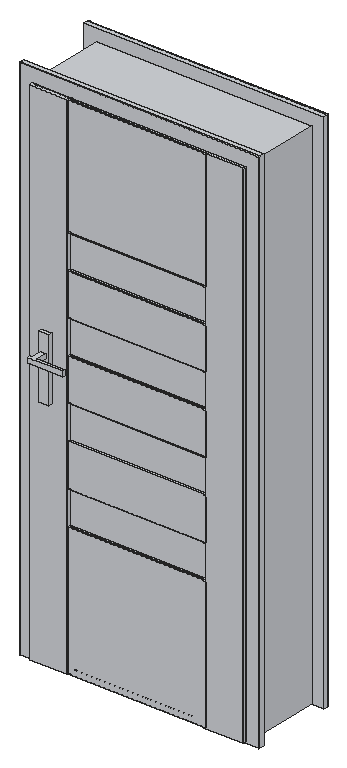
Revit family "porta_koncept_H0", category Drzwi, Revit 2016
Family settings
  Obiekt nadrzędny = Ściana
  Zawsze pionowo = Tak
  Tnij formami wycięć po wczytaniu = Nie
  Współdzielony = Nie
  Punkt obliczania pomieszczeń = Nie
Parameters (values of type "PN 80")
  Wysokość brutto = 2060 mm
  Szerokość brutto = 880 mm
  Model = "Koncept"
  Konstrukcja analityczna = "<Brak>"
  Funkcja = Wewnętrzna
  URL = "www.porta.com.pl"
  Ss = 844 mm
  Sb = 846 mm
  Producent = "PORTA KMI POLAND"
  Keynote = ""
  Description = ""
  Wysokość = 2016 mm
  Zakończenie ściany = Wg obiektu nadrzędnego
  Szerokość = 800 mm
  Materiał_skrzydło [instance] = none
  Materiał_ościeżnica [instance] = none
  Materiał_klamka [instance] = none
  Informacja = "Własność Porta KMI Poland, wszelkie prawa zastrzeżone."  # constant formula
  Hs = 2030 mm
Types (6, lengths in mm): name | Szerokość brutto | Model | Ss | Sb | Description | Szerokość
  PN 70 | 780 | 0 | 744 | 746 | "Biblioteki CAD produktów firmy PORTA KMI POLAND wraz z ich wizualizacjami są chronione prawami własności przemysłowej i intelektualnej. Można je wykorzystywać do handlowych celów osobistych poprzez zastosowanie w projektach, jednak nie wolno ich powielać, modyfikować, licencjonować ani publikować, w całości ani w części, chyba że celem przeglądania, bez uprzedniej pisemnej zgody PORTA KMI Poland. www.porta.com.pl" | 700
  PN 60 | 680 | 0 | 644 | 646 | "Biblioteki CAD produktów firmy PORTA KMI POLAND wraz z ich wizualizacjami są chronione prawami własności przemysłowej i intelektualnej. Można je wykorzystywać do handlowych celów osobistych poprzez zastosowanie w projektach, jednak nie wolno ich powielać, modyfikować, licencjonować ani publikować, w całości ani w części, chyba że celem przeglądania, bez uprzedniej pisemnej zgody PORTA KMI Poland. www.porta.com.pl" | 600
  PN 80 | 880 | "Koncept" | 844 | 846 | "" | 800
  PN 90 | 980 | 0 | 944 | 946 | "Biblioteki CAD produktów firmy PORTA KMI POLAND wraz z ich wizualizacjami są chronione prawami własności przemysłowej i intelektualnej. Można je wykorzystywać do handlowych celów osobistych poprzez zastosowanie w projektach, jednak nie wolno ich powielać, modyfikować, licencjonować ani publikować, w całości ani w części, chyba że celem przeglądania, bez uprzedniej pisemnej zgody PORTA KMI Poland. www.porta.com.pl" | 900
  PN 100 | 1080 | 0 | 1044 | 1046 | "Biblioteki CAD produktów firmy PORTA KMI POLAND wraz z ich wizualizacjami są chronione prawami własności przemysłowej i intelektualnej. Można je wykorzystywać do handlowych celów osobistych poprzez zastosowanie w projektach, jednak nie wolno ich powielać, modyfikować, licencjonować ani publikować, w całości ani w części, chyba że celem przeglądania, bez uprzedniej pisemnej zgody PORTA KMI Poland. www.porta.com.pl" | 1000
  PN 110 | 1180 | 0 | 1144 | 1146 | "Biblioteki CAD produktów firmy PORTA KMI POLAND wraz z ich wizualizacjami są chronione prawami własności przemysłowej i intelektualnej. Można je wykorzystywać do handlowych celów osobistych poprzez zastosowanie w projektach, jednak nie wolno ich powielać, modyfikować, licencjonować ani publikować, w całości ani w części, chyba że celem przeglądania, bez uprzedniej pisemnej zgody PORTA KMI Poland. www.porta.com.pl" | 1100
Reference planes
  plane 1: y = 0
  plane 2 "Środek (Lewa/Prawa)": x = 0
  plane 3 "Lewy": x = -440
  plane 4 "Prawy": x = 440
  plane 5: z = 2060
  plane 6 "Zewnętrzna": y = 150
  plane 7 "Wewnętrzna": y = -150
  plane 8 "skrzydło": y = -144.5
Forms (mm)
  Sweep 1, solid, material <- "Materiał_ościeżnica"
    path in 3D
      loop
        line (-440, -150, 0) -> (-440, -150, 2060) -> (440, -150, 2060) -> (440, -150, 0)
    profile origin (-440, -150, 1030) x (0, -1, 0) y (1, 0, 0)
      loop
        line (-10, 39) -> (-72, 39) -> (-72, 17) -> (0, 17) -> (0, -33) -> (16, -33)
        arc (16, -33) -> (18.121, -32.121) -> (19, -30) r 3
        line (19, -30) -> (19, 24)
        arc (19, 24) -> (18.121, 26.121) -> (16, 27) r 3
        line (16, 27) -> (-10, 27) -> (-10, 39)
  Sweep 2, solid, material <- "Materiał_ościeżnica"
    path in 3D
      loop
        line (440, 150, 0) -> (440, 150, 2060) -> (-440, 150, 2060) -> (-440, 150, 0)
    profile origin (-440, 150, 1030) x (1, 0, 0) y (0, 1, 0)
      loop
        line (-33, 0) -> (17, 0) -> (17, -228) -> (39, -228) -> (39, -1)
        arc (39, -1) -> (37.536, 2.536) -> (34, 4) r 5
        line (34, 4) -> (25, 4) -> (25, 16)
        arc (25, 16) -> (24.121, 18.121) -> (22, 19) r 3
        line (22, 19) -> (-30, 19)
        arc (-30, 19) -> (-32.121, 18.121) -> (-33, 16) r 3
        line (-33, 16) -> (-33, 0)
  Sweep 3, solid, not visible
    path in 3D
      loop
        line (-440, -150, 0) -> (-440, -150, 2060)
    profile origin (-440, -150, 1030) x (0, -1, 0) y (1, 0, 0)
      loop
        line (-151, 17) -> (-149, 17) -> (-149, 19) -> (-151, 19) -> (-151, 17)
Cuts and joins
  joined: Sweep 1, Sweep 2
Lines and regions (mm)
  Opening 1
    outline origin (-3050, -150, 0) x (1, 0, 0) y (0, 0, 1)
      loop
        line (2610, 0) -> (3490, 0) -> (3490, 2060) -> (2610, 2060) -> (2610, 0)
  sketch lines
    curve 1: line (-440, -150, 0) -> (-440, -150, 2060)
    curve 2: line (-440, -150, 2060) -> (440, -150, 2060)
    curve 3: line (440, -150, 2060) -> (440, -150, 0)
    curve 4: line (-440, 150, 2060) -> (-440, 150, 0)
    curve 5: line (440, 150, 2060) -> (-440, 150, 2060)
    curve 6: line (440, 150, 0) -> (440, 150, 2060)
    curve 12: line (-440, -150, 0) -> (-440, -150, 2060)
  symbolic lines, style "DoorsPanelProjection"
    curve 7: line (422, -150, 0) -> (422, -994, 0)
    curve 8: line (422, -994, 0) -> (382, -994, 0)
    curve 9: line (382, -994, 0) -> (382, -150, 0)
    curve 10: line (382, -150, 0) -> (422, -150, 0)
  symbolic lines, style "Ugięcie rzutu"
    curve 11: arc (-422, -150, 0) -> (-174.798, -746.798, 0) -> (422, -994, 0) r 844
Text (mm)
  text "Zewnętrzna" at (-2295.016, 1099.543, 0), in view "Poziom odniesienia"
  text "Zewnętrzna" at (0, 1615.38, 3698.081), in view "Lewy"
  text "Zewnętrzna" at (0, 1036.032, 3874.932), in view "Prawy"
Dimensions and locks
  equal spacing: plane 3 "Lewy", plane 2 "Środek (Lewa/Prawa)", plane 4 "Prawy"
  "Szerokość brutto": plane 3 "Lewy" to plane 4 "Prawy"
  "Wysokość brutto": plane 5 to host wall
  host wall to plane 5 = 2060 mm  (x2)
  locked: plane 6 "Zewnętrzna" to host wall at 0
  locked: plane 7 "Wewnętrzna" to host wall
  "Sb": Sweep 1 to Sweep 1
  locked: Sweep 1 sketch curve to Sweep 1 sketch curve at 22
  Sweep 1 sketch curve to Sweep 1 sketch curve = 50 mm
  locked: Sweep 1 sketch curve to profile plane at 72
  locked: Sweep 2 sketch curve to Sweep 2 sketch curve at 50
  locked: Sweep 2 sketch curve to Sweep 2 sketch curve at 22
  locked: Sweep 2 sketch curve to plane 6 "Zewnętrzna" at 1
  locked: curve 9 to curve 7 at 40
  "Ss": curve 8 to curve 10
  equal spacing: curve 11, plane 2 "Środek (Lewa/Prawa)", curve 7
  locked: plane 7 "Wewnętrzna" to plane 8 "skrzydło" at 5.5
  locked: host wall to Sweep 3 sketch curve at 1
  locked: Sweep 3 sketch curve to host wall at 1
  locked: Sweep 3 sketch curve to plane 6 "Zewnętrzna" at 151
  locked: plane 7 "Wewnętrzna" to Sweep 3 sketch curve at 151
  equal spacing: nested 1, plane 2 "Środek (Lewa/Prawa)", nested 1
  locked: nested 1 to level at 8
  aligned and locked: plane 3 "Lewy" to Opening 1 sketch curve
  aligned and locked: plane 5 to Opening 1 sketch curve  (x2)
  aligned and locked: Opening 1 sketch curve to plane 4 "Prawy"
  aligned and locked: Opening 1 sketch curve to level
  aligned and locked: plane 1 to host wall
  aligned and locked: Sweep 1 to Sweep 2 sketch curve
  aligned and locked: plane 7 "Wewnętrzna" to curve 10
  aligned and locked: Sweep 3 sketch curve to cut or joined group of Sweep 1, Sweep 2
  aligned and locked: Sweep 2 sketch curve to cut or joined group of Sweep 1, Sweep 2
  aligned and locked: nested 1 to plane 8 "skrzydło"
Automatic sketch dimensions
  profile plane to Sweep 1 sketch curve = 10 mm
  Sweep 1 sketch curve to profile plane = 16 mm  (x2)
  Sweep 1 sketch curve to Sweep 1 sketch curve = 3 mm
  profile plane to Sweep 1 sketch curve = 17 mm
  Sweep 1 sketch curve to Sweep 1 sketch curve = 7 mm
  Sweep 1 sketch curve to profile plane = 0 mm
  Sweep 2 sketch curve to profile plane = 0 mm
  Sweep 2 sketch curve to profile plane = 16 mm
  Sweep 2 sketch curve to Sweep 2 sketch curve = 3 mm
  Sweep 2 sketch curve to Sweep 2 sketch curve = 5 mm
  Sweep 2 sketch curve to profile plane = 4 mm
  Sweep 2 sketch curve to Sweep 2 sketch curve = 8 mm
  curve 11 to host wall = 0 mm
  Sweep 3 sketch curve to Sweep 3 sketch curve = 2 mm
Nested families
  nested 1: "skrzydło" at (0, -151, 0), Materiał_klamka <- "Materiał_klamka", Materiał_skrzydło <- "Materiał_skrzydło", type "skrzydło"
    with Materiał_skrzydło none, Materiał_klamka none, Ss 844 mm
Definition of nested family "skrzydło"
  Parameters
    Ss = 800 mm
    Materiał_skrzydło [instance] = none
    Materiał_klamka [instance] = none
    Hs = 2030 mm
  Reference planes
    plane 1 "Tył": y = 6.5
    plane 2: z = 0
    plane 3 "Środek (Lewa/Prawa)": x = 0
    plane 4 "Lewa": x = -400
    plane 5 "Prawa": x = 400
    plane 6 "Przód": y = -33.5
    plane 7: z = 2038
    plane 8 "Centrum": y = -13.5
    plane 9: x = -387
    plane 10: z = 8
    plane 11: x = 387
    plane 12: x = -250
    plane 13: x = 250
    plane 14: z = 2025
  Forms (mm)
    Extrusion 1, solid, material <- "Materiał_skrzydło"
      sketch origin (-1191.728, -1524, 8) x (-1, 0, 0) y (0, -1, 0)
        loop
          line (-1443.378, -1490.5) -> (-1590.078, -1490.5)
          arc (-1590.078, -1490.5) -> (-1591.244, -1490.983) -> (-1591.728, -1492.15) r 1.65
          line (-1591.728, -1492.15) -> (-1591.728, -1501.85)
          arc (-1591.728, -1501.85) -> (-1591.244, -1503.017) -> (-1590.078, -1503.5) r 1.65
          line (-1590.078, -1503.5) -> (-1580.078, -1503.5)
          arc (-1580.078, -1503.5) -> (-1579.123, -1503.895) -> (-1578.728, -1504.85) r 1.35
          line (-1578.728, -1504.85) -> (-1578.728, -1528.85)
          arc (-1578.728, -1528.85) -> (-1578.244, -1530.017) -> (-1577.078, -1530.5) r 1.65
          line (-1577.078, -1530.5) -> (-1443.378, -1530.5)
          arc (-1443.378, -1530.5) -> (-1442.211, -1530.017) -> (-1441.728, -1528.85) r 1.65
          line (-1441.728, -1528.85) -> (-1441.728, -1492.15)
          arc (-1441.728, -1492.15) -> (-1442.211, -1490.983) -> (-1443.378, -1490.5) r 1.65
      from 0 to 2030
    Extrusion 2, void
      sketch origin (0, 0, 0) x (0, -1, 0) y (0, 0, 1)
        loop
          line (-6.5, 2025) -> (20.5, 2025) -> (20.5, 2038) -> (-6.5, 2038) -> (-6.5, 2025)
      from -400 to 400
    Extrusion 3, solid, material <- "Materiał_skrzydło"
      sketch origin (0, 0, 0) x (0, 1, 0) y (0, 0, 1)
        loop
          line (4, 1568.15) -> (4, 2023.35)
          arc (4, 2023.35) -> (3.517, 2024.517) -> (2.35, 2025) r 1.65
          line (2.35, 2025) -> (-19.15, 2025)
          arc (-19.15, 2025) -> (-20.105, 2025.395) -> (-20.5, 2026.35) r 1.35
          line (-20.5, 2026.35) -> (-20.5, 2036.35)
          arc (-20.5, 2036.35) -> (-20.983, 2037.517) -> (-22.15, 2038) r 1.65
          line (-22.15, 2038) -> (-29.35, 2038)
          arc (-29.35, 2038) -> (-30.517, 2037.517) -> (-31, 2036.35) r 1.65
          line (-31, 2036.35) -> (-31, 1568.15)
          arc (-31, 1568.15) -> (-30.517, 1566.983) -> (-29.35, 1566.5) r 1.65
          line (-29.35, 1566.5) -> (2.35, 1566.5)
          arc (2.35, 1566.5) -> (3.517, 1566.983) -> (4, 1568.15) r 1.65
        loop
          line (2.35, 529.5) -> (-29.35, 529.5)
          arc (-29.35, 529.5) -> (-30.517, 529.017) -> (-31, 527.85) r 1.65
          line (-31, 527.85) -> (-31, 9.65)
          arc (-31, 9.65) -> (-30.517, 8.483) -> (-29.35, 8) r 1.65
          line (-29.35, 8) -> (-25, 8)
          arc (-25, 8) -> (-23.833, 8.483) -> (-23.35, 9.65) r 1.65
          arc (-23.35, 9.65) -> (-22.955, 10.605) -> (-22, 11) r 1.35
          line (-22, 11) -> (-5, 11)
          arc (-5, 11) -> (-4.045, 10.605) -> (-3.65, 9.65) r 1.35
          arc (-3.65, 9.65) -> (-3.167, 8.483) -> (-2, 8) r 1.65
          line (-2, 8) -> (2.35, 8)
          arc (2.35, 8) -> (3.517, 8.483) -> (4, 9.65) r 1.65
          line (4, 9.65) -> (4, 527.85)
          arc (4, 527.85) -> (3.517, 529.017) -> (2.35, 529.5) r 1.65
        loop
          line (2.35, 831.25) -> (-29.35, 831.25)
          arc (-29.35, 831.25) -> (-30.517, 830.767) -> (-31, 829.6) r 1.65
          line (-31, 829.6) -> (-31, 662.9)
          arc (-31, 662.9) -> (-30.517, 661.733) -> (-29.35, 661.25) r 1.65
          line (-29.35, 661.25) -> (2.35, 661.25)
          arc (2.35, 661.25) -> (3.517, 661.733) -> (4, 662.9) r 1.65
          line (4, 662.9) -> (4, 829.6)
          arc (4, 829.6) -> (3.517, 830.767) -> (2.35, 831.25) r 1.65
        loop
          line (2.35, 1133) -> (-29.35, 1133)
          arc (-29.35, 1133) -> (-30.517, 1132.517) -> (-31, 1131.35) r 1.65
          line (-31, 1131.35) -> (-31, 964.65)
          arc (-31, 964.65) -> (-30.517, 963.483) -> (-29.35, 963) r 1.65
          line (-29.35, 963) -> (2.35, 963)
          arc (2.35, 963) -> (3.517, 963.483) -> (4, 964.65) r 1.65
          line (4, 964.65) -> (4, 1131.35)
          arc (4, 1131.35) -> (3.517, 1132.517) -> (2.35, 1133) r 1.65
        loop
          line (2.35, 1434.75) -> (-29.35, 1434.75)
          arc (-29.35, 1434.75) -> (-30.517, 1434.267) -> (-31, 1433.1) r 1.65
          line (-31, 1433.1) -> (-31, 1266.4)
          arc (-31, 1266.4) -> (-30.517, 1265.233) -> (-29.35, 1264.75) r 1.65
          line (-29.35, 1264.75) -> (2.35, 1264.75)
          arc (2.35, 1264.75) -> (3.517, 1265.233) -> (4, 1266.4) r 1.65
          line (4, 1266.4) -> (4, 1433.1)
          arc (4, 1433.1) -> (3.517, 1434.267) -> (2.35, 1434.75) r 1.65
      from -250 to 250
    Extrusion 4, solid, material <- "Materiał_skrzydło"
      sketch origin (-892.016, -13.5, 1200) x (-1, 0, 0) y (0, 0, 1)
        loop
          line (-642.016, 366.5) -> (-1142.016, 366.5) -> (-1142.016, 234.75) -> (-642.016, 234.75) -> (-642.016, 366.5)
      from -6 to 6
    Extrusion 5, solid, material <- "Materiał_skrzydło"
      sketch origin (-892.016, -13.5, 1200) x (-1, 0, 0) y (0, 0, 1)
        loop
          line (-642.016, -67) -> (-642.016, 64.75) -> (-1142.016, 64.75) -> (-1142.016, -67) -> (-642.016, -67)
      from -6 to 6
    Extrusion 6, solid, material <- "Materiał_skrzydło"
      sketch origin (-892.016, -13.5, 1200) x (-1, 0, 0) y (0, 0, 1)
        loop
          line (-642.016, -237) -> (-1142.016, -237) -> (-1142.016, -368.75) -> (-642.016, -368.75) -> (-642.016, -237)
      from -6 to 6
    Extrusion 7, solid, material <- "Materiał_skrzydło"
      sketch origin (-892.016, -13.5, 1200) x (-1, 0, 0) y (0, 0, 1)
        loop
          line (-642.016, -538.75) -> (-1142.016, -538.75) -> (-1142.016, -670.5) -> (-642.016, -670.5) -> (-642.016, -538.75)
      from -6 to 6
    Extrusion 8, solid, material <- "Materiał_skrzydło"
      sketch origin (-1191.728, -1524, 8) x (-1, 0, 0) y (0, -1, 0)
        loop
          arc (-940.078, -1490.5) -> (-941.244, -1490.983) -> (-941.728, -1492.15) r 1.65
          line (-941.728, -1492.15) -> (-941.728, -1528.85)
          arc (-941.728, -1528.85) -> (-941.244, -1530.017) -> (-940.078, -1530.5) r 1.65
          line (-940.078, -1530.5) -> (-806.378, -1530.5)
          arc (-806.378, -1530.5) -> (-805.211, -1530.017) -> (-804.728, -1528.85) r 1.65
          line (-804.728, -1528.85) -> (-804.728, -1504.85)
          arc (-804.728, -1504.85) -> (-804.332, -1503.895) -> (-803.378, -1503.5) r 1.35
          line (-803.378, -1503.5) -> (-793.378, -1503.5)
          arc (-793.378, -1503.5) -> (-792.211, -1503.017) -> (-791.728, -1501.85) r 1.65
          line (-791.728, -1501.85) -> (-791.728, -1492.15)
          arc (-791.728, -1492.15) -> (-792.211, -1490.983) -> (-793.378, -1490.5) r 1.65
          line (-793.378, -1490.5) -> (-940.078, -1490.5)
      from 0 to 2030
  Cuts and joins
    Extrusion 2 cuts Extrusion 1
    Extrusion 2 cuts Extrusion 8
  Dimensions and locks
    equal spacing: plane 4 "Lewa", plane 3 "Środek (Lewa/Prawa)", plane 5 "Prawa"
    "Ss": plane 4 "Lewa" to plane 5 "Prawa"
    locked: plane 4 "Lewa" to plane 9 at 13
    locked: plane 10 to level at 8
    "Hs": plane 7 to plane 10
    locked: plane 5 "Prawa" to plane 11 at 13
    locked: plane 9 to nested 1 at 35
    locked: nested 1 to plane 10 at 934
    locked: plane 10 to nested 2 at 934
    equal spacing: plane 6 "Przód", plane 8 "Centrum", plane 1 "Tył"
    locked: plane 7 to plane 14 at 13
    locked: plane 12 to plane 4 "Lewa" at 150
    locked: plane 5 "Prawa" to plane 13 at 150
    locked: plane 1 "Tył" to Extrusion 2 sketch curve at 27
    aligned and locked: nested 1 to plane 6 "Przód"
    aligned and locked: plane 5 "Prawa" to Extrusion 1 sketch curve
    aligned and locked: Extrusion 1 sketch curve to plane 11
    aligned and locked: Extrusion 1 sketch curve to plane 1 "Tył"
    aligned and locked: Extrusion 1 sketch curve to plane 6 "Przód"
    aligned and locked: Extrusion 1 sketch curve to plane 13
    aligned and locked: plane 7 to Extrusion 1
    aligned and locked: Extrusion 2 sketch curve to plane 14
    aligned and locked: Extrusion 2 sketch curve to plane 1 "Tył"
    aligned and locked: plane 7 to Extrusion 2 sketch curve
    aligned and locked: Extrusion 2 to plane 4 "Lewa"
    aligned and locked: plane 5 "Prawa" to Extrusion 2
    aligned and locked: Extrusion 3 to plane 12
    aligned and locked: plane 13 to Extrusion 3
    aligned and locked: plane 12 to Extrusion 4 sketch curve
    aligned and locked: plane 13 to Extrusion 4 sketch curve
    aligned and locked: Extrusion 3 to Extrusion 5 sketch curve  (x2)
    aligned and locked: plane 12 to Extrusion 6 sketch curve
    aligned and locked: plane 13 to Extrusion 6 sketch curve
    aligned and locked: plane 12 to Extrusion 7 sketch curve
    aligned and locked: plane 13 to Extrusion 7 sketch curve
    aligned and locked: plane 4 "Lewa" to Extrusion 8 sketch curve
    aligned and locked: Extrusion 8 sketch curve to plane 12
    aligned and locked: plane 7 to Extrusion 8
    aligned and locked: nested 2 to nested 1
  Automatic sketch dimensions
    Extrusion 1 sketch curve to Extrusion 1 sketch curve = 1.65 mm  (x4)
    Extrusion 1 sketch curve to Extrusion 1 sketch curve = 1.35 mm
    Extrusion 1 sketch curve to Extrusion 1 sketch curve = 10 mm
    plane 1 "Tył" to Extrusion 1 sketch curve = 25.65 mm
    Extrusion 3 sketch curve to plane 7 = 0 mm
    Extrusion 3 sketch curve to plane 10 = 0 mm  (x2)
    Extrusion 3 sketch curve to plane 14 = 0 mm
    plane 6 "Przód" to Extrusion 3 sketch curve = 2.5 mm  (x5)
    plane 10 to Extrusion 3 sketch curve = 1.65 mm  (x3)
    Extrusion 3 sketch curve to Extrusion 3 sketch curve = 1.65 mm  (x15)
    Extrusion 3 sketch curve to Extrusion 3 sketch curve = 4.35 mm
    Extrusion 3 sketch curve to Extrusion 3 sketch curve = 0 mm  (x2)
    Extrusion 3 sketch curve to Extrusion 3 sketch curve = 7.2 mm
    Extrusion 3 sketch curve to Extrusion 3 sketch curve = 1.35 mm  (x2)
    plane 8 "Centrum" to Extrusion 3 sketch curve = 8.5 mm
    plane 1 "Tył" to Extrusion 3 sketch curve = 4.15 mm  (x9)
    Extrusion 3 sketch curve to plane 14 = 1.65 mm
    Extrusion 3 sketch curve to Extrusion 3 sketch curve = 516.85 mm
    Extrusion 3 sketch curve to Extrusion 3 sketch curve = 131.75 mm  (x4)
    Extrusion 3 sketch curve to Extrusion 3 sketch curve = 166.7 mm  (x3)
    Extrusion 4 sketch curve to Extrusion 4 sketch curve = 131.75 mm
    Extrusion 4 sketch curve to plane 7 = 471.5 mm
    Extrusion 5 sketch curve to plane 7 = 773.25 mm
    Extrusion 5 sketch curve to Extrusion 5 sketch curve = 131.75 mm
    plane 10 to Extrusion 6 sketch curve = 823.25 mm
    Extrusion 6 sketch curve to Extrusion 6 sketch curve = 131.75 mm
    plane 10 to Extrusion 7 sketch curve = 521.5 mm
    Extrusion 7 sketch curve to Extrusion 7 sketch curve = 131.75 mm
    Extrusion 8 sketch curve to Extrusion 8 sketch curve = 1.65 mm  (x4)
    Extrusion 8 sketch curve to Extrusion 8 sketch curve = 1.35 mm
    Extrusion 8 sketch curve to Extrusion 8 sketch curve = 10 mm
    Extrusion 8 sketch curve to Extrusion 8 sketch curve = 0 mm
    plane 6 "Przód" to Extrusion 8 sketch curve = 40 mm
    Extrusion 8 sketch curve to Extrusion 8 sketch curve = 24 mm
    Extrusion 8 sketch curve to Extrusion 8 sketch curve = 9.7 mm
  Nested families
    nested 1: "KLAMKA" at (-332, -33.5, 1067), Materiał klamki <- "Materiał_klamka", type "KLAMKA"
      with Materiał klamki none
    nested 2: "KLAMKA" at (-332, 6.5, 1067), Materiał klamki <- "Materiał_klamka", type "KLAMKA"
      with Materiał klamki none
  Definition of nested family "KLAMKA"
    Parameters
      Materiał klamki [instance] = none
      Assembly Code = ""
      Default Elevation = 1219.2 mm
    Reference planes
      plane 1 "Center (Front/Back)": y = 0
      plane 2: z = 0
      plane 3 "Center (Left/Right)": x = 0
      plane 4: z = 125
      plane 5: z = -125
      plane 6: x = 20
      plane 7: x = -20
      plane 8: y = -70
      plane 9: y = -60
      plane 10: x = 10
      plane 11: x = -10
      plane 12: x = 120
      plane 13: z = 35
      plane 14: z = 55
      plane 15: y = -15
    Forms (mm)
      Extrusion 1, solid, material <- "Materiał klamki"
        sketch origin (0, 0, 0) x (1, 0, 0) y (0, 0, 1)
          loop
            line (-20, 125) -> (-20, -125) -> (20, -125) -> (20, 125) -> (-20, 125)
        from 0 to 15
      Extrusion 2, solid, material <- "Materiał klamki"
        sketch origin (0, 0, 0) x (1, 0, 0) y (0, 1, 0)
          loop
            line (-10, -15) -> (-10, -60) -> (-20, -60) -> (-20, -70) -> (120, -70) -> (120, -60) -> (10, -60) -> (10, -15) -> (-10, -15)
        from 35 to 55
    Dimensions and locks
      equal spacing: plane 4, plane 2, plane 5
      plane 4 to plane 5 = 250 mm
      equal spacing: plane 7, plane 3 "Center (Left/Right)", plane 6
      plane 7 to plane 6 = 40 mm
      plane 8 to plane 1 "Center (Front/Back)" = 70 mm
      plane 11 to plane 3 "Center (Left/Right)" to plane 10 = 10 mm locked, 10 mm locked
      plane 7 to plane 12 = 140 mm
      plane 15 to plane 1 "Center (Front/Back)" = 15 mm
      aligned and locked: plane 7 to Extrusion 1 sketch curve
      aligned and locked: Extrusion 1 sketch curve to plane 4
      aligned and locked: plane 5 to Extrusion 1 sketch curve
      aligned and locked: Extrusion 1 sketch curve to plane 6
      aligned and locked: plane 15 to Extrusion 1
      aligned and locked: Extrusion 1 to plane 1 "Center (Front/Back)"
      aligned and locked: plane 14 to Extrusion 2
      aligned and locked: Extrusion 2 to plane 13
    Automatic sketch dimensions
      Extrusion 2 sketch curve to plane 7 = 0 mm
      Extrusion 2 sketch curve to plane 9 = 0 mm  (x2)
      Extrusion 2 sketch curve to plane 11 = 0 mm
      Extrusion 2 sketch curve to plane 10 = 0 mm
      Extrusion 2 sketch curve to plane 12 = 0 mm
      Extrusion 2 sketch curve to plane 8 = 0 mm
      Extrusion 2 sketch curve to plane 15 = 0 mm
